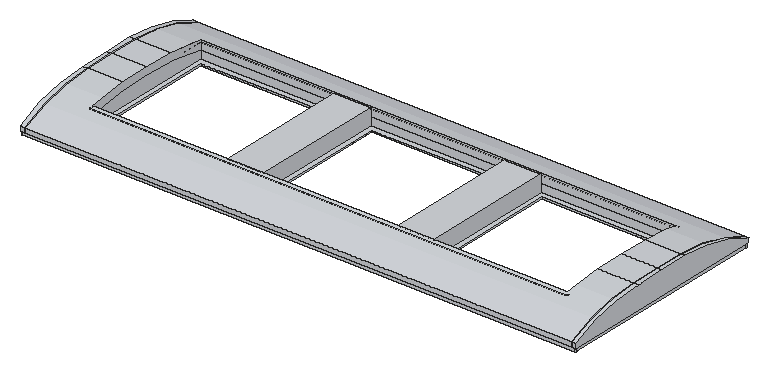
Revit family "Gira_0213738", category Electrical Fixtures, host Face, Revit 2017
Family settings
  Host = Face
  Maintain Annotation Orientation = No
  Round Connector Dimension = Use Diameter
  Part Type = Normal
  Cut with Voids When Loaded = No
  Shared = No
  Room Calculation Point = No
Parameters (values of type "Abdeckrahmen 3f Zwischenr. AN Gira Event Klar Schwarz")
  Werkstoffgüte = "Thermoplast"
  Werkstoff = "Kunststoff"
  URL = "http://katalog.gira.de/de_DE/datenblatt.html?artikelnr=0213738"
  Transparent = "No"
  Textfeld/Beschriftungsfläche = "No"
  Schutzart (IP) = "IP20"
  Region = "DE"
  Oberfläche = "sonstige"
  Name = "Abdeckrahmen 3f Zwischenr. AN Gira Event Klar Schwarz"
  Montagerichtung = "horizontal und vertikal"
  Mit Montagerahmen = "No"
  Mit Klappdeckel = "No"
  Manufacturer URL = "https://www.gira.de/"
  Keynote = "Event_Rahmen_3fach"
  HeinzeBIM = "https://bimportal.heinze.de/bim/abdeckrahmen-3f-zwischenr-an-gira-event-klar-schwarz/f1fee131cbdf85270486fc9ce30d576b596083dd"
  Halogenfrei = "Yes"
  HAN = "0213738"
  Geeignet für Unterputz-Installation = "Yes"
  Geeignet für Unterflurkanaldose = "No"
  Geeignet für Geräteeinbaukanal = "No"
  Geeignet für Einbauinstallation = "No"
  GTIN = "4010337068921"
  Farbe = "schwarz"
  Default Elevation = 1219.2 mm
  Data sheet (1) = "https://katalog.gira.de/de_DE/download.html?artikelnr=0213738"
  Category = "Abdeckrahmen"
  Befestigungsart = "Klemmbefestigung"
  Available = "Yes"
  Ausführung der Oberfläche = "glänzend"
  Anzahl der Einheiten vertikal = "3 "
  Anzahl der Einheiten horizontal = "3 "
  Anzahl der Einheiten = "3 "
Reference planes
  plane 1 "Center (Front/Back)": y = 0
  plane 2: z = 0
  plane 3 "Center (Left/Right)": x = 0
Forms (mm)
  Extrusion 1, solid, detail levels fine
    sketch origin (0, 0, 0.05) x (0, 1, 0) y (0, 0, 1)
      loop
        arc (12.445, 9.683) -> (6.223, 9.833) -> (0, 9.85) r 291.636
        arc (0, 9.85) -> (-6.223, 9.833) -> (-12.445, 9.683) r 291.636
        arc (-12.445, 9.683) -> (-29.14, 7.482) -> (-45, 1.823) r 79.728
        line (-45, 1.823) -> (-45, -0.05) -> (-42.086, -0.05)
        arc (-42.086, -0.05) -> (-21.385, 5.559) -> (0, 7.206) r 114.424
        arc (0, 7.206) -> (21.385, 5.559) -> (42.086, -0.05) r 114.424
        line (42.086, -0.05) -> (45, -0.05) -> (45, 1.823)
        arc (45, 1.823) -> (29.14, 7.482) -> (12.445, 9.683) r 79.728
    from -114.3 to 114.3
  Extrusion 2, void, detail levels fine
    sketch origin (0, 0, 0) x (1, 0, 0) y (0, 1, 0)
      loop
        line (-99.355, -28.053) -> (99.355, -28.053) -> (99.355, 28.053) -> (-99.355, 28.053) -> (-99.355, -28.053)
    from 0.724 to 11
  Extrusion 3, solid, detail levels coarse
    sketch origin (0, 0, 0) x (1, 0, 0) y (0, 1, 0)
      loop
        line (-116.3, 45) -> (-116.3, -45) -> (116.3, -45) -> (116.3, 45) -> (-116.3, 45)
    from -1.5 to 9.9
  Extrusion 4, solid, detail levels medium
    sketch origin (0, 0, 0.05) x (0, 1, 0) y (0, 0, 1)
      loop
        arc (12.445, 9.683) -> (6.223, 9.833) -> (0, 9.85) r 291.636
        arc (0, 9.85) -> (-6.223, 9.833) -> (-12.445, 9.683) r 291.636
        arc (-12.445, 9.683) -> (-29.14, 7.482) -> (-45, 1.823) r 79.728
        line (-45, 1.823) -> (-45, -0.05) -> (45, -0.05) -> (45, 1.823)
        arc (45, 1.823) -> (29.14, 7.482) -> (12.445, 9.683) r 79.728
    from -116.3 to 116.3
  Extrusion 5, solid, detail levels fine
    sketch origin (-71.3, 0, -1.5) x (0, 1, 0) y (0, 0, -1)
      loop
        line (45, -3.373) -> (45, -1.5) -> (-45, -1.5) -> (-45, -3.373)
        arc (-45, -3.373) -> (-29.14, -9.032) -> (-12.445, -11.233) r 79.728
        arc (-12.445, -11.233) -> (-6.223, -11.383) -> (0, -11.4) r 291.636
        arc (0, -11.4) -> (6.223, -11.383) -> (12.445, -11.233) r 291.636
        arc (12.445, -11.233) -> (29.14, -9.032) -> (45, -3.373) r 79.728
    from 43 to 45
  Extrusion 6, solid, detail levels fine
    sketch origin (0, 0, 0) x (1, 0, 0) y (0, 1, 0)
      loop
        line (-97.195, 25.7) -> (-97.195, -25.7) -> (-45.395, -25.7) -> (-45.395, 25.7) -> (-97.195, 25.7)
      loop
        line (25.9, -25.7) -> (25.9, 25.7) -> (-25.9, 25.7) -> (-25.9, -25.7) -> (25.9, -25.7)
      loop
        line (-100.19, 28.49) -> (-100.19, -28.495)
        spline (-100.19, -28.495) -> (-100.181, -28.625) -> (-100.156, -28.754) -> (-100.113, -28.878) -> (-100.056, -28.995) -> (-99.983, -29.104) -> (-99.897, -29.202) -> (-99.798, -29.288) -> (-99.69, -29.361) -> (-99.572, -29.419) -> (-99.448, -29.461) -> (-99.32, -29.486) -> (-99.19, -29.495)
        line (-99.19, -29.495) -> (99.195, -29.495)
        spline (99.195, -29.495) -> (99.325, -29.486) -> (99.454, -29.461) -> (99.578, -29.419) -> (99.695, -29.361) -> (99.804, -29.288) -> (99.902, -29.202) -> (99.988, -29.104) -> (100.061, -28.995) -> (100.119, -28.878) -> (100.161, -28.754) -> (100.186, -28.625) -> (100.195, -28.495)
        line (100.195, -28.495) -> (100.195, 28.49)
        spline (100.195, 28.49) -> (100.186, 28.62) -> (100.161, 28.748) -> (100.119, 28.872) -> (100.061, 28.99) -> (99.988, 29.098) -> (99.902, 29.197) -> (99.804, 29.283) -> (99.695, 29.356) -> (99.578, 29.413) -> (99.454, 29.456) -> (99.325, 29.481) -> (99.195, 29.49)
        line (99.195, 29.49) -> (-99.19, 29.49)
        spline (-99.19, 29.49) -> (-99.32, 29.481) -> (-99.448, 29.456) -> (-99.572, 29.413) -> (-99.69, 29.356) -> (-99.798, 29.283) -> (-99.897, 29.197) -> (-99.983, 29.098) -> (-100.056, 28.99) -> (-100.113, 28.872) -> (-100.156, 28.748) -> (-100.181, 28.62) -> (-100.19, 28.49)
      loop
        line (97.2, -25.7) -> (97.2, 25.7) -> (45.4, 25.7) -> (45.4, -25.7) -> (97.2, -25.7)
    from 0.1 to 7.3
  Extrusion 7, solid
    sketch origin (0, 0, 0) x (1, 0, 0) y (0, 1, 0)
      loop
        arc (-116, -44.2) -> (-115.854, -44.554) -> (-115.5, -44.7) r 0.5
        line (-115.5, -44.7) -> (115.5, -44.7)
        arc (115.5, -44.7) -> (115.854, -44.554) -> (116, -44.2) r 0.5
        line (116, -44.2) -> (116, 44.2)
        arc (116, 44.2) -> (115.854, 44.554) -> (115.5, 44.7) r 0.5
        line (115.5, 44.7) -> (-115.5, 44.7)
        arc (-115.5, 44.7) -> (-115.854, 44.554) -> (-116, 44.2) r 0.5
        line (-116, 44.2) -> (-116, -44.2)
      loop
        line (-114.3, 43) -> (-114.3, -43) -> (114.3, -43) -> (114.3, 43) -> (-114.3, 43)
    from -1.5 to 0.5
  Extrusion 8, solid, detail levels fine
    sketch origin (71.3, 0, -1.5) x (0, 1, 0) y (0, 0, 1)
      loop
        arc (45, 3.373) -> (29.14, 9.032) -> (12.445, 11.233) r 79.728
        arc (12.445, 11.233) -> (6.223, 11.383) -> (0, 11.4) r 291.636
        arc (0, 11.4) -> (-6.223, 11.383) -> (-12.445, 11.233) r 291.636
        arc (-12.445, 11.233) -> (-29.14, 9.032) -> (-45, 3.373) r 79.728
        line (-45, 3.373) -> (-45, 1.5) -> (45, 1.5) -> (45, 3.373)
    from 43 to 45
  Extrusion 9, solid, detail levels medium
    sketch origin (0, 0, 0) x (1, 0, 0) y (0, 1, 0)
      loop
        line (-116, -44.7) -> (116, -44.7) -> (116, 44.7) -> (-116, 44.7) -> (-116, -44.7)
    from -1.5 to 0.5
  Extrusion 10, solid, detail levels fine
    sketch origin (-34.207, 0, 0) x (1, 0, 0) y (0, 1, 0)
      loop
        line (-8.943, 28.063) -> (-8.943, -27.937) -> (6.057, -27.937) -> (6.057, 28.063) -> (-8.943, 28.063)
    from 0.724 to 7.566
  Extrusion 11, solid, detail levels fine
    sketch origin (34.207, 0, 0) x (-1, 0, 0) y (0, -1, 0)
      loop
        line (-8.943, -28.063) -> (6.057, -28.063) -> (6.057, 27.937) -> (-8.943, 27.937) -> (-8.943, -28.063)
    from 0.724 to 7.566
Cuts and joins
  Extrusion 2 cuts Extrusion 1
  Extrusion 2 cuts Extrusion 6
Dimensions and locks
  aligned and locked: plane 2 to host face
  aligned and locked: level to host face
